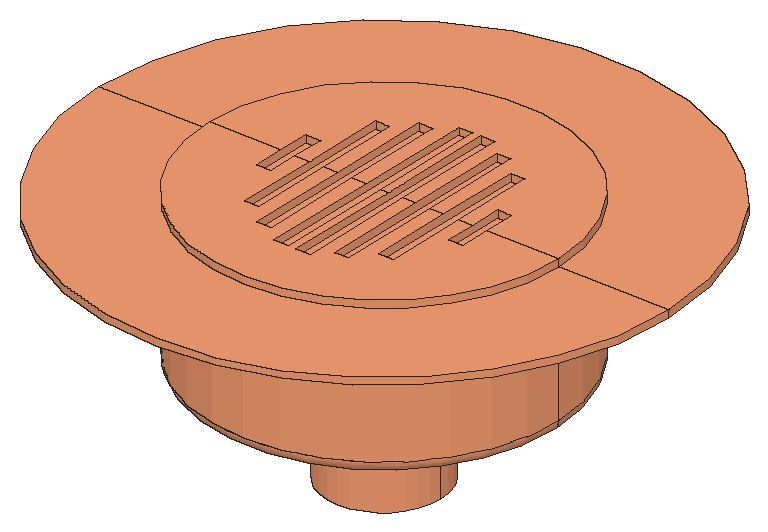
Revit family "Drain_Floor-Jay R.Smith-Round-Type-DX2566_Series", category Plumbing Fixtures, Revit 2019
Family settings
  Round Connector Dimension = Use Radius
  Part Type = Normal
  OmniClass Number = 23.70.50.21.24
  OmniClass Title = Waste Water Drains
  Work Plane-Based = Yes
  Always vertical = Yes
  Cut with Voids When Loaded = No
  Shared = No
  Room Calculation Point = No
Parameters (values of type "DX2566C 04")
  Waste Connection = yes
  Vent Connection = no
  URL = "http://www.jrsmith.com"
  U - Vandal Proof Grate = no
  Type Comments = ""
  T - Threaded Outlet = no
  Strainer Diameter = 12 1/4"
  SH - Securing Holes = no
  Quad Close Trap Seal = no
  Product Page URL = "https://www.jrsmith.com/floor-drains-dx2565"
  Product Documentation Link = "https://www.jrsmith.com/uploads/fileLibrary/ddx2565.pdf"
  PB - Polished Bronze Top = no
  Outlet Connection Description = "4\" Caulk Outlet Connection"
  NO-HUB Adaptor = no
  NB - Nickel Bronze Top = no
  Model = "DX2566C 04"
  Material = "Cast Iron-Jay R Smith-Duco Coated"
  Manufacturer = "Jay R. Smith "  # constant formula
  Load Rating = "'Light Duty having a Safe Live (Static) Load less than 2,000 lbs. (900 kg) per ASME A112.6.3 Floor Drain Standard."  # constant formula
  Height 2 = 8 3/4"
  Height 1 = 5 1/2"
  Height = Height 2 + Height Constraint  # 9"
  HW Connection = no
  G - Galvanized Cast Iron = no
  Finish = Cast Iron-Jay R Smith-Duco Coated
  Diameter = 20"
  Description = "Wide Flange Floor Drains Safe-Set® Bucket"  # constant formula
  Default Elevation = 0"
  Creation Date = "06/27/2023"  # constant formula
  Connection Size = 4"
  Connection Radius = Connection Size / 2  # 2"
  CW Connection = no
  Assembly Code = "D2030300"
  Height Constraint = 1/4"
Types (6): name | Outlet Connection Description | Model | Connection Size | Connection Radius
  DX2566C 02 | "2\" Caulk Outlet Connection" | "DX2566C 02" | 2" | 1"
  DX2566C 03 | "3\" Caulk Outlet Connection" | "DX2566C 03" | 3" | 1 1/2"
  DX2566C 04 | "4\" Caulk Outlet Connection" | "DX2566C 04" | 4" | 2"
  DX2566T 02 | "2\" Threaded Outlet Connection" | "DX2566T 02" | 2" | 1"
  DX2566T 03 | "3\" Threaded Outlet Connection" | "DX2566T 03" | 3" | 1 1/2"
  DX2566T 04 | "4\" Threaded Outlet Connection" | "DX2566T 04" | 4" | 2"
Reference planes (in)
  plane 1 "Center (Front/Back)": y = 0
  plane 2: z = 0
  plane 3 "Center (Left/Right)": x = -0.54782
  plane 4: x = -10.54782
  plane 5: x = 9.45218
  plane 6: x = -6.67282
  plane 7: x = 5.57718
  plane 8: z = -3.75
  plane 9: z = -9
  plane 10: z = -0.25
Forms (in)
  Revolve 1, solid, material "Cast Iron-Jay R Smith-Duco Coated" <- "Finish"
    sketch origin (0, 0, 0) x (1, 0, 0) y (0, 0, 1)
      loop
        line (5.57718, -0.5) -> (9.45218, -0.5) -> (9.45218, -0.25) -> (5.57718, -0.25) -> (5.57718, 0) -> (-0.54782, 0) -> (-0.54782, -6.24926) -> (3.711, -6.24926)
        arc (3.711, -6.24926) -> (3.84527, -6.19365) -> (3.90088, -6.05938) r 0.18988
        line (3.90088, -6.05938) -> (3.90088, -5.85653)
        arc (3.90088, -5.85653) -> (3.92637, -5.795) -> (3.98789, -5.76952) r 0.08701
        line (3.98789, -5.76952) -> (4.55805, -5.76952) -> (4.82757, -5.5) -> (5.16742, -5.5)
        arc (5.16742, -5.5) -> (5.45717, -5.37998) -> (5.57718, -5.09024) r 0.40976
        line (5.57718, -5.09024) -> (5.57718, -0.5)
      axis (-0.54782, 0) -> (-0.54782, -6.24926)
    angle from 0 to 360
  Revolve 2, solid, material "Cast Iron-Jay R Smith-Duco Coated" <- "Finish"
    sketch origin (0, 0, 0) x (1, 0, 0) y (0, 0, 1)
      loop
        line (-0.54782, -2.56315) -> (-0.54782, -9) -> (1.45218, -9) -> (1.45218, -2.56315) -> (-0.54782, -2.56315)
      axis (-0.54782, -2.56315) -> (-0.54782, -9)
    angle from 0 to 360
  Extrusion 3, void
    sketch origin (0, 0, 0) x (1, 0, 0) y (0, 1, 0)
      loop
        line (-3.16178, 2.90751) -> (-3.16178, -2.84249) -> (-2.66178, -2.84249) -> (-2.66178, 2.90751) -> (-3.16178, 2.90751)
      loop
        line (-4.16178, 1.11019) -> (-4.16178, -1.04518) -> (-3.66178, -1.04518) -> (-3.66178, 1.11019) -> (-4.16178, 1.11019)
      loop
        line (-2.16178, 3.54324) -> (-2.16178, -3.54324) -> (-1.66178, -3.54324) -> (-1.66178, 3.54324) -> (-2.16178, 3.54324)
      loop
        line (-1.16178, 4.04324) -> (-1.16178, -4.04324) -> (-0.66178, -4.04324) -> (-0.66178, 4.04324) -> (-1.16178, 4.04324)
      loop
        line (2.06615, 2.90751) -> (1.56615, 2.90751) -> (1.56615, -2.84249) -> (2.06615, -2.84249) -> (2.06615, 2.90751)
      loop
        line (3.06615, 1.11019) -> (2.56615, 1.11019) -> (2.56615, -1.04518) -> (3.06615, -1.04518) -> (3.06615, 1.11019)
      loop
        line (1.06615, 3.54324) -> (0.56615, 3.54324) -> (0.56615, -3.54324) -> (1.06615, -3.54324) -> (1.06615, 3.54324)
      loop
        line (0.11004, 4.04324) -> (-0.38996, 4.04324) -> (-0.38996, -4.04324) -> (0.11004, -4.04324) -> (0.11004, 4.04324)
    from -0.25 to 0
Cuts and joins
  Extrusion 3 cuts Revolve 1
Lines and regions (in)
  symbolic lines, detail levels fine
    curve 1: circle (-0.52587, 0, 0) r 4.5 normal (0, 0, 1)
Dimensions and locks (in)
  "Connection Radius": Revolve 2 sketch curve to Revolve 2 sketch curve
  equal spacing: plane 5, plane 3 "Center (Left/Right)", plane 4
  "Diameter": plane 5 to plane 4
  equal spacing: plane 7, plane 3 "Center (Left/Right)", plane 6
  "Strainer Diameter": plane 7 to plane 6
  "Height Constraint": level to plane 10
  plane 10 to plane 8 = 3 1/2"
  "Height 2": plane 10 to plane 9
  locked: Revolve 1 sketch curve to Revolve 1 sketch curve at 0.25
  Revolve 1 sketch curve to Revolve 1 sketch curve to Revolve 1 sketch curve to Revolve 1 sketch curve = 69/256" locked, 0.28986" locked, 0.18988" locked
  "Height 1": level to Revolve 1 sketch curve
  cut or joined group of Revolve 1, Extrusion 3 to cut or joined group of Revolve 1, Extrusion 3 to cut or joined group of Revolve 1, Extrusion 3 to cut or joined group of Revolve 1, Extrusion 3 to cut or joined group of Revolve 1, Extrusion 3 to cut or joined group of Revolve 1, Extrusion 3 to cut or joined group of Revolve 1, Extrusion 3 to cut or joined group of Revolve 1, Extrusion 3 to cut or joined group of Revolve 1, Extrusion 3 to cut or joined group of Revolve 1, Extrusion 3 to cut or joined group of Revolve 1, Extrusion 3 to cut or joined group of Revolve 1, Extrusion 3 to cut or joined group of Revolve 1, Extrusion 3 to cut or joined group of Revolve 1, Extrusion 3 to cut or joined group of Revolve 1, Extrusion 3 to cut or joined group of Revolve 1, Extrusion 3 = 1/2" locked, 1/2" locked, 1/2" locked, 1/2" locked, 1/2" locked, 1/2" locked, 1/2" locked, 0.27182" locked, 1/2" locked, 0.45612" locked, 1/2" locked, 1/2" locked, 1/2" locked, 1/2" locked, 1/2" locked
  aligned and locked: Revolve 1 sketch curve to plane 3 "Center (Left/Right)"
  aligned and locked: level to Revolve 1 sketch curve
  aligned and locked: Revolve 2 sketch curve to plane 3 "Center (Left/Right)"
  aligned and locked: plane 3 "Center (Left/Right)" to Revolve 2 sketch curve
  aligned and locked: Revolve 1 sketch curve to plane 5
  aligned and locked: Revolve 1 sketch curve to plane 7
  aligned and locked: plane 9 to Revolve 2 sketch curve
  aligned and locked: Revolve 1 sketch curve to plane 10
  aligned and locked: Extrusion 3 to Revolve 1
  aligned and locked: Revolve 1 to Extrusion 3
Automatic sketch dimensions
  plane 1 "Center (Front/Back)" to curve 1 = 0"
  plane 3 "Center (Left/Right)" to curve 1 = 0.02194"
  plane 6 to Extrusion 3 sketch curve = 2.51103"
  Extrusion 3 sketch curve to Extrusion 3 sketch curve = 1/2"  (x13)
  plane 6 to Extrusion 3 sketch curve = 3.51103"
  Extrusion 3 sketch curve to plane 3 "Center (Left/Right)" = 0.61397"
  Extrusion 3 sketch curve to plane 3 "Center (Left/Right)" = 0.11397"
  plane 3 "Center (Left/Right)" to Extrusion 3 sketch curve = 0.15785"
  Extrusion 3 sketch curve to Extrusion 3 sketch curve = 0.45612"
  plane 7 to Extrusion 3 sketch curve = 3.01103"
  plane 1 "Center (Front/Back)" to Extrusion 3 sketch curve = 4.04324"
  Extrusion 3 sketch curve to Extrusion 3 sketch curve = 0"
  Extrusion 3 sketch curve to Extrusion 3 sketch curve = 0.70075"  (x2)
  plane 1 "Center (Front/Back)" to Extrusion 3 sketch curve = 1.04518"  (x2)
  Extrusion 3 sketch curve to plane 1 "Center (Front/Back)" = 1.11019"  (x2)
  Extrusion 3 sketch curve to Extrusion 3 sketch curve = 1.79732"  (x2)
  Extrusion 3 sketch curve to Extrusion 3 sketch curve = 0.63574"  (x2)
  Revolve 1 sketch curve to plane 3 "Center (Left/Right)" = 0"
  plane 7 to Revolve 1 sketch curve = 0"
  plane 7 to Revolve 1 sketch curve = 1.86618"
  Revolve 1 sketch curve to Revolve 1 sketch curve = 0.08701"
  Revolve 1 sketch curve to Revolve 1 sketch curve = 0.57016"
  Revolve 1 sketch curve to Revolve 1 sketch curve = 69/256"
  Revolve 1 sketch curve to Revolve 1 sketch curve = 87/256"
  Revolve 1 sketch curve to plane 9 = 14 1/2"
  Revolve 1 sketch curve to Revolve 1 sketch curve = 1 3/4"
  plane 8 to Revolve 2 sketch curve = 1.18685"
  Revolve 2 sketch curve to plane 9 = 1 3/4"
  level to Revolve 2 sketch curve = 1 3/4"
  radius of curve 1 = 4 1/2"
Connectors (in)
  piping at (-0.54782, 0, -9), diameter 4, driven by "Connection Radius", driven by "Outlet Connection Description"
    settings: on Revolve 2, index 1, connector inside diameter 24", connector length 0", flow factor 0, pipe flow 0 GPM, pressure drop 0.00 psi, fitting loss kfactor 0, connector angle 0.00°, fixture units 0, engagement length 0", angle of deflection 0.00°, flow configuration 0, flow direction 2, fitting loss method 0, system type 16, joint type 0, gender type 0, connector reference index -1, connector utility 0, adjustable connector no, is connector primary yes, connector description "4\" Caulk Outlet Connection"
